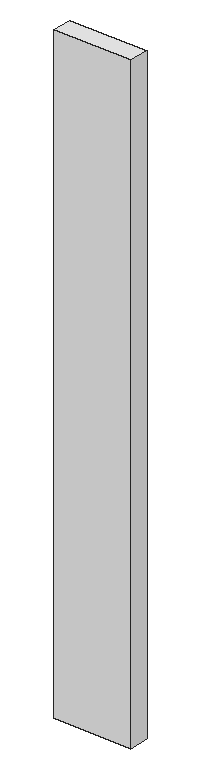
Revit family
Parameters (values of type "75mm")
  Cabinet Material = none
  Depth = 300 mm
  Height = 600 mm
  Top Of Cabinet = 2000 mm
  Width = 75 mm
Reference planes
  plane 1: y = 0
  plane 2 "Center": x = 29.771
  plane 3 "Right": x = 67.271
  plane 4 "Left": x = -7.729
  plane 5: z = 1400
  plane 6: z = 2000
  plane 7 "Front": y = 376.2
  plane 8: y = 76.2
Forms (mm)
  Sweep 1, solid, material <- "Cabinet Material"
    path origin (0, 0, 0) x (1, 0, 0) y (0, 1, 0)
      loop
        line (-7.729, 376.2) -> (67.271, 376.2)
    profile origin (29.771, 0, 0) x (0, 1, 0) y (0, 0, 1)
      loop
        line (376.2, 2000) -> (357.15, 2000) -> (357.15, 1400) -> (376.2, 1400) -> (376.2, 2000)
Lines and regions (mm)
  symbolic lines, style "Plan Rep - Above"
    curve 1: line (-7.729, 76.2, 0) -> (67.271, 76.2, 0)
    curve 2: line (-7.729, 376.2, 0) -> (-7.729, 76.2, 0)
    curve 3: line (67.271, 376.2, 0) -> (-7.729, 376.2, 0)
    curve 4: line (67.271, 76.2, 0) -> (67.271, 376.2, 0)
Text (mm)
  text "Placement Side" at (0, 1019.848, 3124.603), in view "Right"
  text "Placement Side" at (-1487.085, 881.672, 0), in view "Floor Line"
  text "Placement Side" at (0, 1521.594, 3034.073), in view "Left"
Dimensions and locks
  equal spacing: plane 4 "Left", plane 2 "Center", plane 3 "Right"
  "Width": plane 4 "Left" to plane 3 "Right"
  "Height": plane 5 to plane 6
  "Depth": plane 8 to plane 7 "Front"
  "Top Of Cabinet": level to plane 6
  aligned and locked: plane 8 to host wall
  aligned and locked: Sweep 1 sketch curve to curve 2
  aligned and locked: plane 5 to Sweep 1 sketch curve
  aligned and locked: Sweep 1 sketch curve to plane 6
  aligned and locked: plane 7 "Front" to Sweep 1 sketch curve
Automatic sketch dimensions
  curve 3 to plane 4 "Left" = 0 mm
  curve 3 to plane 3 "Right" = 0 mm
  curve 1 to host wall = 0 mm
  curve 3 to plane 7 "Front" = 0 mm
  profile plane to Sweep 1 sketch curve = 19.05 mm
  Sweep 1 sketch curve to plane 3 "Right" = 0 mm
  Sweep 1 sketch curve to plane 7 "Front" = 0 mm
